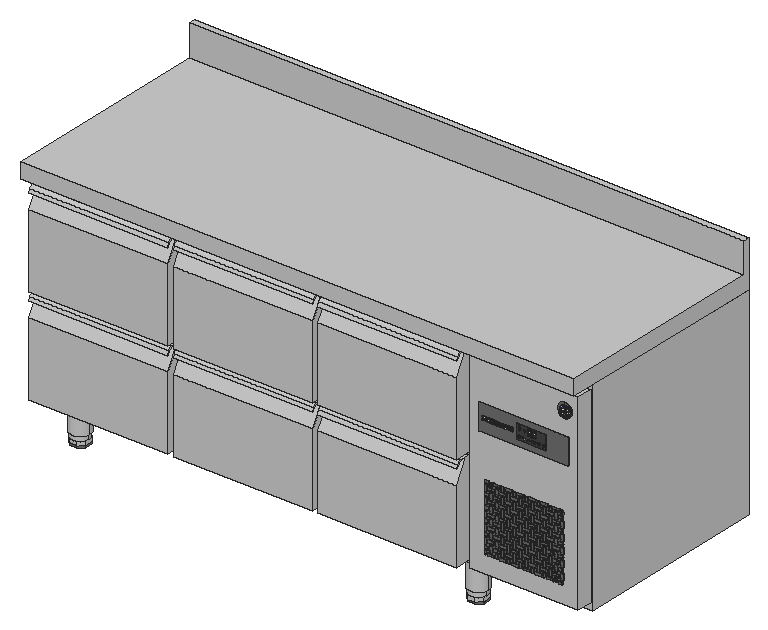
Revit family "QF_HOSHIZAKI_889020834", category Specialty Equipment, Revit 2016 (continued)
Definition of nested family "QF_HOSHIZAKI_889020834_230V_1Ph_50Hz"
  Definition of nested family "Control-panel"
    Forms (mm)
      Extrusion 1, solid
        sketch origin (-3653, 19.5, -135) x (-1, 0, 0) y (0, 0, 1)
          loop
            arc (-3909.5, 317.986) -> (-3913, 321.486) -> (-3916.5, 317.986) r 3.5
            line (-3916.5, 317.986) -> (-3916.5, 299.986)
            arc (-3916.5, 299.986) -> (-3913, 296.486) -> (-3909.5, 299.986) r 3.5
            line (-3909.5, 299.986) -> (-3909.5, 317.986)
          loop
            arc (-3951, 330.986) -> (-3954, 327.986) -> (-3951, 324.986) r 3
            line (-3951, 324.986) -> (-3942, 324.986)
            arc (-3942, 324.986) -> (-3939, 327.986) -> (-3942, 330.986) r 3
            line (-3942, 330.986) -> (-3951, 330.986)
          loop
            arc (-3947.5, 317.986) -> (-3951, 321.486) -> (-3954.5, 317.986) r 3.5
            line (-3954.5, 317.986) -> (-3954.5, 299.986)
            arc (-3954.5, 299.986) -> (-3951, 296.486) -> (-3947.5, 299.986) r 3.5
            line (-3947.5, 299.986) -> (-3947.5, 317.986)
          loop
            arc (-3941, 312.486) -> (-3944.5, 308.986) -> (-3941, 305.486) r 3.5
            line (-3941, 305.486) -> (-3923, 305.486)
            arc (-3923, 305.486) -> (-3919.5, 308.986) -> (-3923, 312.486) r 3.5
            line (-3923, 312.486) -> (-3941, 312.486)
          loop
            arc (-3903, 312.486) -> (-3906.5, 308.986) -> (-3903, 305.486) r 3.5
            line (-3903, 305.486) -> (-3885, 305.486)
            arc (-3885, 305.486) -> (-3881.5, 308.986) -> (-3885, 312.486) r 3.5
            line (-3885, 312.486) -> (-3903, 312.486)
          loop
            arc (-3865, 312.486) -> (-3868.5, 308.986) -> (-3865, 305.486) r 3.5
            line (-3865, 305.486) -> (-3847, 305.486)
            arc (-3847, 305.486) -> (-3843.5, 308.986) -> (-3847, 312.486) r 3.5
            line (-3847, 312.486) -> (-3865, 312.486)
          loop
            arc (-3827, 312.486) -> (-3830.5, 308.986) -> (-3827, 305.486) r 3.5
            line (-3827, 305.486) -> (-3809, 305.486)
            arc (-3809, 305.486) -> (-3805.5, 308.986) -> (-3809, 312.486) r 3.5
            line (-3809, 312.486) -> (-3827, 312.486)
          loop
            arc (-3789, 312.486) -> (-3792.5, 308.986) -> (-3789, 305.486) r 3.5
            line (-3789, 305.486) -> (-3771, 305.486)
            arc (-3771, 305.486) -> (-3767.5, 308.986) -> (-3771, 312.486) r 3.5
            line (-3771, 312.486) -> (-3789, 312.486)
          loop
            arc (-3751, 312.486) -> (-3754.5, 308.986) -> (-3751, 305.486) r 3.5
            line (-3751, 305.486) -> (-3733, 305.486)
            arc (-3733, 305.486) -> (-3729.5, 308.986) -> (-3733, 312.486) r 3.5
            line (-3733, 312.486) -> (-3751, 312.486)
          loop
            arc (-3713, 312.486) -> (-3716.5, 308.986) -> (-3713, 305.486) r 3.5
            line (-3713, 305.486) -> (-3704, 305.486)
            arc (-3704, 305.486) -> (-3700.5, 308.986) -> (-3704, 312.486) r 3.5
            line (-3704, 312.486) -> (-3713, 312.486)
          loop
            line (-3938.025, 302.996) -> (-3945.025, 302.996) -> (-3945.025, 295.996) -> (-3938.025, 295.996) -> (-3938.025, 302.996)
          loop
            line (-3919.025, 302.996) -> (-3926.025, 302.996) -> (-3926.025, 295.996) -> (-3919.025, 295.996) -> (-3919.025, 302.996)
          loop
            line (-3900.025, 302.996) -> (-3907.025, 302.996) -> (-3907.025, 295.996) -> (-3900.025, 295.996) -> (-3900.025, 302.996)
          loop
            line (-3881.025, 302.996) -> (-3888.025, 302.996) -> (-3888.025, 295.996) -> (-3881.025, 295.996) -> (-3881.025, 302.996)
          loop
            line (-3862.025, 302.996) -> (-3869.025, 302.996) -> (-3869.025, 295.996) -> (-3862.025, 295.996) -> (-3862.025, 302.996)
          loop
            line (-3843.025, 302.996) -> (-3850.025, 302.996) -> (-3850.025, 295.996) -> (-3843.025, 295.996) -> (-3843.025, 302.996)
          loop
            line (-3824.025, 302.996) -> (-3831.025, 302.996) -> (-3831.025, 295.996) -> (-3824.025, 295.996) -> (-3824.025, 302.996)
          loop
            line (-3805.025, 302.996) -> (-3812.025, 302.996) -> (-3812.025, 295.996) -> (-3805.025, 295.996) -> (-3805.025, 302.996)
          loop
            line (-3786.025, 302.996) -> (-3793.025, 302.996) -> (-3793.025, 295.996) -> (-3786.025, 295.996) -> (-3786.025, 302.996)
          loop
            line (-3767.025, 302.996) -> (-3774.025, 302.996) -> (-3774.025, 295.996) -> (-3767.025, 295.996) -> (-3767.025, 302.996)
          loop
            line (-3748.025, 302.996) -> (-3755.025, 302.996) -> (-3755.025, 295.996) -> (-3748.025, 295.996) -> (-3748.025, 302.996)
          loop
            line (-3729.025, 302.996) -> (-3736.025, 302.996) -> (-3736.025, 295.996) -> (-3729.025, 295.996) -> (-3729.025, 302.996)
          loop
            line (-3710.025, 302.996) -> (-3717.025, 302.996) -> (-3717.025, 295.996) -> (-3710.025, 295.996) -> (-3710.025, 302.996)
          loop
            line (-3935.5, 298.986) -> (-3935.5, 280.986)
            arc (-3935.5, 280.986) -> (-3932, 277.486) -> (-3928.5, 280.986) r 3.5
            line (-3928.5, 280.986) -> (-3928.5, 298.986)
            arc (-3928.5, 298.986) -> (-3932, 302.486) -> (-3935.5, 298.986) r 3.5
          loop
            line (-3897.5, 298.986) -> (-3897.5, 280.986)
            arc (-3897.5, 280.986) -> (-3894, 277.486) -> (-3890.5, 280.986) r 3.5
            line (-3890.5, 280.986) -> (-3890.5, 298.986)
            arc (-3890.5, 298.986) -> (-3894, 302.486) -> (-3897.5, 298.986) r 3.5
          loop
            line (-3859.5, 298.986) -> (-3859.5, 280.986)
            arc (-3859.5, 280.986) -> (-3856, 277.486) -> (-3852.5, 280.986) r 3.5
            line (-3852.5, 280.986) -> (-3852.5, 298.986)
            arc (-3852.5, 298.986) -> (-3856, 302.486) -> (-3859.5, 298.986) r 3.5
          loop
            line (-3821.5, 298.986) -> (-3821.5, 280.986)
            arc (-3821.5, 280.986) -> (-3818, 277.486) -> (-3814.5, 280.986) r 3.5
            line (-3814.5, 280.986) -> (-3814.5, 298.986)
            arc (-3814.5, 298.986) -> (-3818, 302.486) -> (-3821.5, 298.986) r 3.5
          loop
            line (-3783.5, 298.986) -> (-3783.5, 280.986)
            arc (-3783.5, 280.986) -> (-3780, 277.486) -> (-3776.5, 280.986) r 3.5
            line (-3776.5, 280.986) -> (-3776.5, 298.986)
            arc (-3776.5, 298.986) -> (-3780, 302.486) -> (-3783.5, 298.986) r 3.5
          loop
            line (-3745.5, 298.986) -> (-3745.5, 280.986)
            arc (-3745.5, 280.986) -> (-3742, 277.486) -> (-3738.5, 280.986) r 3.5
            line (-3738.5, 280.986) -> (-3738.5, 298.986)
            arc (-3738.5, 298.986) -> (-3742, 302.486) -> (-3745.5, 298.986) r 3.5
          loop
            line (-3707.5, 298.986) -> (-3707.5, 280.986)
            arc (-3707.5, 280.986) -> (-3704, 277.486) -> (-3700.5, 280.986) r 3.5
            line (-3700.5, 280.986) -> (-3700.5, 298.986)
            arc (-3700.5, 298.986) -> (-3704, 302.486) -> (-3707.5, 298.986) r 3.5
          loop
            arc (-3922, 293.486) -> (-3925.5, 289.986) -> (-3922, 286.486) r 3.5
            line (-3922, 286.486) -> (-3904, 286.486)
            arc (-3904, 286.486) -> (-3900.5, 289.986) -> (-3904, 293.486) r 3.5
            line (-3904, 293.486) -> (-3922, 293.486)
          loop
            arc (-3884, 293.486) -> (-3887.5, 289.986) -> (-3884, 286.486) r 3.5
            line (-3884, 286.486) -> (-3866, 286.486)
            arc (-3866, 286.486) -> (-3862.5, 289.986) -> (-3866, 293.486) r 3.5
            line (-3866, 293.486) -> (-3884, 293.486)
          loop
            arc (-3846, 293.486) -> (-3849.5, 289.986) -> (-3846, 286.486) r 3.5
            line (-3846, 286.486) -> (-3828, 286.486)
            arc (-3828, 286.486) -> (-3824.5, 289.986) -> (-3828, 293.486) r 3.5
            line (-3828, 293.486) -> (-3846, 293.486)
          loop
            arc (-3808, 293.486) -> (-3811.5, 289.986) -> (-3808, 286.486) r 3.5
            line (-3808, 286.486) -> (-3790, 286.486)
            arc (-3790, 286.486) -> (-3786.5, 289.986) -> (-3790, 293.486) r 3.5
            line (-3790, 293.486) -> (-3808, 293.486)
          loop
            arc (-3770, 293.486) -> (-3773.5, 289.986) -> (-3770, 286.486) r 3.5
            line (-3770, 286.486) -> (-3752, 286.486)
            arc (-3752, 286.486) -> (-3748.5, 289.986) -> (-3752, 293.486) r 3.5
            line (-3752, 293.486) -> (-3770, 293.486)
          loop
            arc (-3732, 293.486) -> (-3735.5, 289.986) -> (-3732, 286.486) r 3.5
            line (-3732, 286.486) -> (-3714, 286.486)
            arc (-3714, 286.486) -> (-3710.5, 289.986) -> (-3714, 293.486) r 3.5
            line (-3714, 293.486) -> (-3732, 293.486)
          loop
            line (-3938.025, 276.976) -> (-3938.025, 283.976) -> (-3945.025, 283.976) -> (-3945.025, 276.976) -> (-3938.025, 276.976)
          loop
            line (-3919.025, 276.976) -> (-3919.025, 283.976) -> (-3926.025, 283.976) -> (-3926.025, 276.976) -> (-3919.025, 276.976)
          loop
            line (-3900.025, 276.976) -> (-3900.025, 283.976) -> (-3907.025, 283.976) -> (-3907.025, 276.976) -> (-3900.025, 276.976)
          loop
            line (-3881.025, 276.976) -> (-3881.025, 283.976) -> (-3888.025, 283.976) -> (-3888.025, 276.976) -> (-3881.025, 276.976)
          loop
            line (-3862.025, 276.976) -> (-3862.025, 283.976) -> (-3869.025, 283.976) -> (-3869.025, 276.976) -> (-3862.025, 276.976)
          loop
            line (-3843.025, 276.976) -> (-3843.025, 283.976) -> (-3850.025, 283.976) -> (-3850.025, 276.976) -> (-3843.025, 276.976)
          loop
            line (-3824.025, 276.976) -> (-3824.025, 283.976) -> (-3831.025, 283.976) -> (-3831.025, 276.976) -> (-3824.025, 276.976)
          loop
            line (-3805.025, 276.976) -> (-3805.025, 283.976) -> (-3812.025, 283.976) -> (-3812.025, 276.976) -> (-3805.025, 276.976)
          loop
            line (-3786.025, 276.976) -> (-3786.025, 283.976) -> (-3793.025, 283.976) -> (-3793.025, 276.976) -> (-3786.025, 276.976)
          loop
            line (-3767.025, 276.976) -> (-3767.025, 283.976) -> (-3774.025, 283.976) -> (-3774.025, 276.976) -> (-3767.025, 276.976)
          loop
            line (-3748.025, 276.976) -> (-3748.025, 283.976) -> (-3755.025, 283.976) -> (-3755.025, 276.976) -> (-3748.025, 276.976)
          loop
            line (-3729.025, 276.976) -> (-3729.025, 283.976) -> (-3736.025, 283.976) -> (-3736.025, 276.976) -> (-3729.025, 276.976)
          loop
            line (-3710.025, 276.976) -> (-3710.025, 283.976) -> (-3717.025, 283.976) -> (-3717.025, 276.976) -> (-3710.025, 276.976)
          loop
            arc (-3719.5, 279.986) -> (-3723, 283.486) -> (-3726.5, 279.986) r 3.5
            line (-3726.5, 279.986) -> (-3726.5, 261.986)
            arc (-3726.5, 261.986) -> (-3723, 258.486) -> (-3719.5, 261.986) r 3.5
            line (-3719.5, 261.986) -> (-3719.5, 279.986)
          loop
            arc (-3757.5, 279.986) -> (-3761, 283.486) -> (-3764.5, 279.986) r 3.5
            line (-3764.5, 279.986) -> (-3764.5, 261.986)
            arc (-3764.5, 261.986) -> (-3761, 258.486) -> (-3757.5, 261.986) r 3.5
            line (-3757.5, 261.986) -> (-3757.5, 279.986)
          loop
            arc (-3795.5, 279.986) -> (-3799, 283.486) -> (-3802.5, 279.986) r 3.5
            line (-3802.5, 279.986) -> (-3802.5, 261.986)
            arc (-3802.5, 261.986) -> (-3799, 258.486) -> (-3795.5, 261.986) r 3.5
            line (-3795.5, 261.986) -> (-3795.5, 279.986)
          loop
            arc (-3833.5, 279.986) -> (-3837, 283.486) -> (-3840.5, 279.986) r 3.5
            line (-3840.5, 279.986) -> (-3840.5, 261.986)
            arc (-3840.5, 261.986) -> (-3837, 258.486) -> (-3833.5, 261.986) r 3.5
            line (-3833.5, 261.986) -> (-3833.5, 279.986)
          loop
            arc (-3871.5, 279.986) -> (-3875, 283.486) -> (-3878.5, 279.986) r 3.5
            line (-3878.5, 279.986) -> (-3878.5, 261.986)
            arc (-3878.5, 261.986) -> (-3875, 258.486) -> (-3871.5, 261.986) r 3.5
            line (-3871.5, 261.986) -> (-3871.5, 279.986)
          loop
            arc (-3909.5, 279.986) -> (-3913, 283.486) -> (-3916.5, 279.986) r 3.5
            line (-3916.5, 279.986) -> (-3916.5, 261.986)
            arc (-3916.5, 261.986) -> (-3913, 258.486) -> (-3909.5, 261.986) r 3.5
            line (-3909.5, 261.986) -> (-3909.5, 279.986)
          loop
            arc (-3951, 292.986) -> (-3954, 289.986) -> (-3951, 286.986) r 3
            line (-3951, 286.986) -> (-3942, 286.986)
            arc (-3942, 286.986) -> (-3939, 289.986) -> (-3942, 292.986) r 3
            line (-3942, 292.986) -> (-3951, 292.986)
          loop
            arc (-3947.5, 279.986) -> (-3951, 283.486) -> (-3954.5, 279.986) r 3.5
            line (-3954.5, 279.986) -> (-3954.5, 261.986)
            arc (-3954.5, 261.986) -> (-3951, 258.486) -> (-3947.5, 261.986) r 3.5
            line (-3947.5, 261.986) -> (-3947.5, 279.986)
          loop
            arc (-3941, 274.486) -> (-3944.5, 270.986) -> (-3941, 267.486) r 3.5
            line (-3941, 267.486) -> (-3923, 267.486)
            arc (-3923, 267.486) -> (-3919.5, 270.986) -> (-3923, 274.486) r 3.5
            line (-3923, 274.486) -> (-3941, 274.486)
          loop
            arc (-3903, 274.486) -> (-3906.5, 270.986) -> (-3903, 267.486) r 3.5
            line (-3903, 267.486) -> (-3885, 267.486)
            arc (-3885, 267.486) -> (-3881.5, 270.986) -> (-3885, 274.486) r 3.5
            line (-3885, 274.486) -> (-3903, 274.486)
          loop
            arc (-3865, 274.486) -> (-3868.5, 270.986) -> (-3865, 267.486) r 3.5
            line (-3865, 267.486) -> (-3847, 267.486)
            arc (-3847, 267.486) -> (-3843.5, 270.986) -> (-3847, 274.486) r 3.5
            line (-3847, 274.486) -> (-3865, 274.486)
          loop
            arc (-3827, 274.486) -> (-3830.5, 270.986) -> (-3827, 267.486) r 3.5
            line (-3827, 267.486) -> (-3809, 267.486)
            arc (-3809, 267.486) -> (-3805.5, 270.986) -> (-3809, 274.486) r 3.5
            line (-3809, 274.486) -> (-3827, 274.486)
          loop
            arc (-3789, 274.486) -> (-3792.5, 270.986) -> (-3789, 267.486) r 3.5
            line (-3789, 267.486) -> (-3771, 267.486)
            arc (-3771, 267.486) -> (-3767.5, 270.986) -> (-3771, 274.486) r 3.5
            line (-3771, 274.486) -> (-3789, 274.486)
          loop
            arc (-3751, 274.486) -> (-3754.5, 270.986) -> (-3751, 267.486) r 3.5
            line (-3751, 267.486) -> (-3733, 267.486)
            arc (-3733, 267.486) -> (-3729.5, 270.986) -> (-3733, 274.486) r 3.5
            line (-3733, 274.486) -> (-3751, 274.486)
          loop
            arc (-3713, 274.486) -> (-3716.5, 270.986) -> (-3713, 267.486) r 3.5
            line (-3713, 267.486) -> (-3704, 267.486)
            arc (-3704, 267.486) -> (-3700.5, 270.986) -> (-3704, 274.486) r 3.5
            line (-3704, 274.486) -> (-3713, 274.486)
          loop
            line (-3938.025, 264.996) -> (-3945.025, 264.996) -> (-3945.025, 257.996) -> (-3938.025, 257.996) -> (-3938.025, 264.996)
          loop
            line (-3919.025, 264.996) -> (-3926.025, 264.996) -> (-3926.025, 257.996) -> (-3919.025, 257.996) -> (-3919.025, 264.996)
          loop
            line (-3900.025, 264.996) -> (-3907.025, 264.996) -> (-3907.025, 257.996) -> (-3900.025, 257.996) -> (-3900.025, 264.996)
          loop
            line (-3881.025, 264.996) -> (-3888.025, 264.996) -> (-3888.025, 257.996) -> (-3881.025, 257.996) -> (-3881.025, 264.996)
          loop
            line (-3862.025, 264.996) -> (-3869.025, 264.996) -> (-3869.025, 257.996) -> (-3862.025, 257.996) -> (-3862.025, 264.996)
          loop
            line (-3843.025, 264.996) -> (-3850.025, 264.996) -> (-3850.025, 257.996) -> (-3843.025, 257.996) -> (-3843.025, 264.996)
          loop
            line (-3824.025, 264.996) -> (-3831.025, 264.996) -> (-3831.025, 257.996) -> (-3824.025, 257.996) -> (-3824.025, 264.996)
          loop
            line (-3805.025, 264.996) -> (-3812.025, 264.996) -> (-3812.025, 257.996) -> (-3805.025, 257.996) -> (-3805.025, 264.996)
          loop
            line (-3786.025, 264.996) -> (-3793.025, 264.996) -> (-3793.025, 257.996) -> (-3786.025, 257.996) -> (-3786.025, 264.996)
          loop
            line (-3767.025, 264.996) -> (-3774.025, 264.996) -> (-3774.025, 257.996) -> (-3767.025, 257.996) -> (-3767.025, 264.996)
          loop
            line (-3748.025, 264.996) -> (-3755.025, 264.996) -> (-3755.025, 257.996) -> (-3748.025, 257.996) -> (-3748.025, 264.996)
          loop
            line (-3729.025, 264.996) -> (-3736.025, 264.996) -> (-3736.025, 257.996) -> (-3729.025, 257.996) -> (-3729.025, 264.996)
          loop
            line (-3710.025, 264.996) -> (-3717.025, 264.996) -> (-3717.025, 257.996) -> (-3710.025, 257.996) -> (-3710.025, 264.996)
          loop
            line (-3935.5, 260.986) -> (-3935.5, 242.986)
            arc (-3935.5, 242.986) -> (-3932, 239.486) -> (-3928.5, 242.986) r 3.5
            line (-3928.5, 242.986) -> (-3928.5, 260.986)
            arc (-3928.5, 260.986) -> (-3932, 264.486) -> (-3935.5, 260.986) r 3.5
          loop
            line (-3897.5, 260.986) -> (-3897.5, 242.986)
            arc (-3897.5, 242.986) -> (-3894, 239.486) -> (-3890.5, 242.986) r 3.5
            line (-3890.5, 242.986) -> (-3890.5, 260.986)
            arc (-3890.5, 260.986) -> (-3894, 264.486) -> (-3897.5, 260.986) r 3.5
          loop
            line (-3859.5, 260.986) -> (-3859.5, 242.986)
            arc (-3859.5, 242.986) -> (-3856, 239.486) -> (-3852.5, 242.986) r 3.5
            line (-3852.5, 242.986) -> (-3852.5, 260.986)
            arc (-3852.5, 260.986) -> (-3856, 264.486) -> (-3859.5, 260.986) r 3.5
          loop
            line (-3821.5, 260.986) -> (-3821.5, 242.986)
            arc (-3821.5, 242.986) -> (-3818, 239.486) -> (-3814.5, 242.986) r 3.5
            line (-3814.5, 242.986) -> (-3814.5, 260.986)
            arc (-3814.5, 260.986) -> (-3818, 264.486) -> (-3821.5, 260.986) r 3.5
          loop
            line (-3783.5, 260.986) -> (-3783.5, 242.986)
            arc (-3783.5, 242.986) -> (-3780, 239.486) -> (-3776.5, 242.986) r 3.5
            line (-3776.5, 242.986) -> (-3776.5, 260.986)
            arc (-3776.5, 260.986) -> (-3780, 264.486) -> (-3783.5, 260.986) r 3.5
          loop
            line (-3745.5, 260.986) -> (-3745.5, 242.986)
            arc (-3745.5, 242.986) -> (-3742, 239.486) -> (-3738.5, 242.986) r 3.5
            line (-3738.5, 242.986) -> (-3738.5, 260.986)
            arc (-3738.5, 260.986) -> (-3742, 264.486) -> (-3745.5, 260.986) r 3.5
          loop
            line (-3707.5, 260.986) -> (-3707.5, 242.986)
            arc (-3707.5, 242.986) -> (-3704, 239.486) -> (-3700.5, 242.986) r 3.5
            line (-3700.5, 242.986) -> (-3700.5, 260.986)
            arc (-3700.5, 260.986) -> (-3704, 264.486) -> (-3707.5, 260.986) r 3.5
          loop
            arc (-3922, 255.486) -> (-3925.5, 251.986) -> (-3922, 248.486) r 3.5
            line (-3922, 248.486) -> (-3904, 248.486)
            arc (-3904, 248.486) -> (-3900.5, 251.986) -> (-3904, 255.486) r 3.5
            line (-3904, 255.486) -> (-3922, 255.486)
          loop
            arc (-3884, 255.486) -> (-3887.5, 251.986) -> (-3884, 248.486) r 3.5
            line (-3884, 248.486) -> (-3866, 248.486)
            arc (-3866, 248.486) -> (-3862.5, 251.986) -> (-3866, 255.486) r 3.5
            line (-3866, 255.486) -> (-3884, 255.486)
          loop
            arc (-3846, 255.486) -> (-3849.5, 251.986) -> (-3846, 248.486) r 3.5
            line (-3846, 248.486) -> (-3828, 248.486)
            arc (-3828, 248.486) -> (-3824.5, 251.986) -> (-3828, 255.486) r 3.5
            line (-3828, 255.486) -> (-3846, 255.486)
          loop
            arc (-3808, 255.486) -> (-3811.5, 251.986) -> (-3808, 248.486) r 3.5
            line (-3808, 248.486) -> (-3790, 248.486)
            arc (-3790, 248.486) -> (-3786.5, 251.986) -> (-3790, 255.486) r 3.5
            line (-3790, 255.486) -> (-3808, 255.486)
          loop
            arc (-3770, 255.486) -> (-3773.5, 251.986) -> (-3770, 248.486) r 3.5
            line (-3770, 248.486) -> (-3752, 248.486)
            arc (-3752, 248.486) -> (-3748.5, 251.986) -> (-3752, 255.486) r 3.5
            line (-3752, 255.486) -> (-3770, 255.486)
          loop
            arc (-3732, 255.486) -> (-3735.5, 251.986) -> (-3732, 248.486) r 3.5
            line (-3732, 248.486) -> (-3714, 248.486)
            arc (-3714, 248.486) -> (-3710.5, 251.986) -> (-3714, 255.486) r 3.5
            line (-3714, 255.486) -> (-3732, 255.486)
          loop
            line (-3938.025, 238.976) -> (-3938.025, 245.976) -> (-3945.025, 245.976) -> (-3945.025, 238.976) -> (-3938.025, 238.976)
          loop
            line (-3919.025, 238.976) -> (-3919.025, 245.976) -> (-3926.025, 245.976) -> (-3926.025, 238.976) -> (-3919.025, 238.976)
          loop
            line (-3900.025, 238.976) -> (-3900.025, 245.976) -> (-3907.025, 245.976) -> (-3907.025, 238.976) -> (-3900.025, 238.976)
          loop
            line (-3881.025, 238.976) -> (-3881.025, 245.976) -> (-3888.025, 245.976) -> (-3888.025, 238.976) -> (-3881.025, 238.976)
          loop
            line (-3862.025, 238.976) -> (-3862.025, 245.976) -> (-3869.025, 245.976) -> (-3869.025, 238.976) -> (-3862.025, 238.976)
          loop
            line (-3843.025, 238.976) -> (-3843.025, 245.976) -> (-3850.025, 245.976) -> (-3850.025, 238.976) -> (-3843.025, 238.976)
          loop
            line (-3824.025, 238.976) -> (-3824.025, 245.976) -> (-3831.025, 245.976) -> (-3831.025, 238.976) -> (-3824.025, 238.976)
          loop
            line (-3805.025, 238.976) -> (-3805.025, 245.976) -> (-3812.025, 245.976) -> (-3812.025, 238.976) -> (-3805.025, 238.976)
          loop
            line (-3786.025, 238.976) -> (-3786.025, 245.976) -> (-3793.025, 245.976) -> (-3793.025, 238.976) -> (-3786.025, 238.976)
          loop
            line (-3767.025, 238.976) -> (-3767.025, 245.976) -> (-3774.025, 245.976) -> (-3774.025, 238.976) -> (-3767.025, 238.976)
          loop
            line (-3748.025, 238.976) -> (-3748.025, 245.976) -> (-3755.025, 245.976) -> (-3755.025, 238.976) -> (-3748.025, 238.976)
          loop
            line (-3729.025, 238.976) -> (-3729.025, 245.976) -> (-3736.025, 245.976) -> (-3736.025, 238.976) -> (-3729.025, 238.976)
          loop
            line (-3710.025, 238.976) -> (-3710.025, 245.976) -> (-3717.025, 245.976) -> (-3717.025, 238.976) -> (-3710.025, 238.976)
          loop
            arc (-3719.5, 241.986) -> (-3723, 245.486) -> (-3726.5, 241.986) r 3.5
            line (-3726.5, 241.986) -> (-3726.5, 223.986)
            arc (-3726.5, 223.986) -> (-3723, 220.486) -> (-3719.5, 223.986) r 3.5
            line (-3719.5, 223.986) -> (-3719.5, 241.986)
          loop
            arc (-3757.5, 241.986) -> (-3761, 245.486) -> (-3764.5, 241.986) r 3.5
            line (-3764.5, 241.986) -> (-3764.5, 223.986)
            arc (-3764.5, 223.986) -> (-3761, 220.486) -> (-3757.5, 223.986) r 3.5
            line (-3757.5, 223.986) -> (-3757.5, 241.986)
          loop
            arc (-3795.5, 241.986) -> (-3799, 245.486) -> (-3802.5, 241.986) r 3.5
            line (-3802.5, 241.986) -> (-3802.5, 223.986)
            arc (-3802.5, 223.986) -> (-3799, 220.486) -> (-3795.5, 223.986) r 3.5
            line (-3795.5, 223.986) -> (-3795.5, 241.986)
          loop
            arc (-3833.5, 241.986) -> (-3837, 245.486) -> (-3840.5, 241.986) r 3.5
            line (-3840.5, 241.986) -> (-3840.5, 223.986)
            arc (-3840.5, 223.986) -> (-3837, 220.486) -> (-3833.5, 223.986) r 3.5
            line (-3833.5, 223.986) -> (-3833.5, 241.986)
          loop
            arc (-3871.5, 241.986) -> (-3875, 245.486) -> (-3878.5, 241.986) r 3.5
            line (-3878.5, 241.986) -> (-3878.5, 223.986)
            arc (-3878.5, 223.986) -> (-3875, 220.486) -> (-3871.5, 223.986) r 3.5
            line (-3871.5, 223.986) -> (-3871.5, 241.986)
          loop
            arc (-3909.5, 241.986) -> (-3913, 245.486) -> (-3916.5, 241.986) r 3.5
            line (-3916.5, 241.986) -> (-3916.5, 223.986)
            arc (-3916.5, 223.986) -> (-3913, 220.486) -> (-3909.5, 223.986) r 3.5
            line (-3909.5, 223.986) -> (-3909.5, 241.986)
          loop
            arc (-3951, 254.986) -> (-3954, 251.986) -> (-3951, 248.986) r 3
            line (-3951, 248.986) -> (-3942, 248.986)
            arc (-3942, 248.986) -> (-3939, 251.986) -> (-3942, 254.986) r 3
            line (-3942, 254.986) -> (-3951, 254.986)
          loop
            arc (-3947.5, 241.986) -> (-3951, 245.486) -> (-3954.5, 241.986) r 3.5
            line (-3954.5, 241.986) -> (-3954.5, 223.986)
            arc (-3954.5, 223.986) -> (-3951, 220.486) -> (-3947.5, 223.986) r 3.5
            line (-3947.5, 223.986) -> (-3947.5, 241.986)
          loop
            arc (-3941, 236.486) -> (-3944.5, 232.986) -> (-3941, 229.486) r 3.5
            line (-3941, 229.486) -> (-3923, 229.486)
            arc (-3923, 229.486) -> (-3919.5, 232.986) -> (-3923, 236.486) r 3.5
            line (-3923, 236.486) -> (-3941, 236.486)
          loop
            arc (-3903, 236.486) -> (-3906.5, 232.986) -> (-3903, 229.486) r 3.5
            line (-3903, 229.486) -> (-3885, 229.486)
            arc (-3885, 229.486) -> (-3881.5, 232.986) -> (-3885, 236.486) r 3.5
            line (-3885, 236.486) -> (-3903, 236.486)
          loop
            arc (-3865, 236.486) -> (-3868.5, 232.986) -> (-3865, 229.486) r 3.5
            line (-3865, 229.486) -> (-3847, 229.486)
            arc (-3847, 229.486) -> (-3843.5, 232.986) -> (-3847, 236.486) r 3.5
            line (-3847, 236.486) -> (-3865, 236.486)
          loop
            arc (-3827, 236.486) -> (-3830.5, 232.986) -> (-3827, 229.486) r 3.5
            line (-3827, 229.486) -> (-3809, 229.486)
            arc (-3809, 229.486) -> (-3805.5, 232.986) -> (-3809, 236.486) r 3.5
            line (-3809, 236.486) -> (-3827, 236.486)
          loop
            arc (-3789, 236.486) -> (-3792.5, 232.986) -> (-3789, 229.486) r 3.5
            line (-3789, 229.486) -> (-3771, 229.486)
            arc (-3771, 229.486) -> (-3767.5, 232.986) -> (-3771, 236.486) r 3.5
            line (-3771, 236.486) -> (-3789, 236.486)
          loop
            arc (-3751, 236.486) -> (-3754.5, 232.986) -> (-3751, 229.486) r 3.5
            line (-3751, 229.486) -> (-3733, 229.486)
            arc (-3733, 229.486) -> (-3729.5, 232.986) -> (-3733, 236.486) r 3.5
            line (-3733, 236.486) -> (-3751, 236.486)
          loop
            arc (-3713, 236.486) -> (-3716.5, 232.986) -> (-3713, 229.486) r 3.5
            line (-3713, 229.486) -> (-3704, 229.486)
            arc (-3704, 229.486) -> (-3700.5, 232.986) -> (-3704, 236.486) r 3.5
            line (-3704, 236.486) -> (-3713, 236.486)
          loop
            line (-3938.025, 226.996) -> (-3945.025, 226.996) -> (-3945.025, 219.996) -> (-3938.025, 219.996) -> (-3938.025, 226.996)
          loop
            line (-3919.025, 226.996) -> (-3926.025, 226.996) -> (-3926.025, 219.996) -> (-3919.025, 219.996) -> (-3919.025, 226.996)
          loop
            line (-3900.025, 226.996) -> (-3907.025, 226.996) -> (-3907.025, 219.996) -> (-3900.025, 219.996) -> (-3900.025, 226.996)
          loop
            line (-3881.025, 226.996) -> (-3888.025, 226.996) -> (-3888.025, 219.996) -> (-3881.025, 219.996) -> (-3881.025, 226.996)
          loop
            line (-3862.025, 226.996) -> (-3869.025, 226.996) -> (-3869.025, 219.996) -> (-3862.025, 219.996) -> (-3862.025, 226.996)
          loop
            line (-3843.025, 226.996) -> (-3850.025, 226.996) -> (-3850.025, 219.996) -> (-3843.025, 219.996) -> (-3843.025, 226.996)
          loop
            line (-3824.025, 226.996) -> (-3831.025, 226.996) -> (-3831.025, 219.996) -> (-3824.025, 219.996) -> (-3824.025, 226.996)
          loop
            line (-3805.025, 226.996) -> (-3812.025, 226.996) -> (-3812.025, 219.996) -> (-3805.025, 219.996) -> (-3805.025, 226.996)
          loop
            line (-3786.025, 226.996) -> (-3793.025, 226.996) -> (-3793.025, 219.996) -> (-3786.025, 219.996) -> (-3786.025, 226.996)
          loop
            line (-3767.025, 226.996) -> (-3774.025, 226.996) -> (-3774.025, 219.996) -> (-3767.025, 219.996) -> (-3767.025, 226.996)
          loop
            line (-3748.025, 226.996) -> (-3755.025, 226.996) -> (-3755.025, 219.996) -> (-3748.025, 219.996) -> (-3748.025, 226.996)
          loop
            line (-3729.025, 226.996) -> (-3736.025, 226.996) -> (-3736.025, 219.996) -> (-3729.025, 219.996) -> (-3729.025, 226.996)
          loop
            line (-3710.025, 226.996) -> (-3717.025, 226.996) -> (-3717.025, 219.996) -> (-3710.025, 219.996) -> (-3710.025, 226.996)
          loop
            arc (-3922, 217.486) -> (-3925.5, 213.986) -> (-3922, 210.486) r 3.5
            line (-3922, 210.486) -> (-3904, 210.486)
            arc (-3904, 210.486) -> (-3900.5, 213.986) -> (-3904, 217.486) r 3.5
            line (-3904, 217.486) -> (-3922, 217.486)
          loop
            arc (-3884, 217.486) -> (-3887.5, 213.986) -> (-3884, 210.486) r 3.5
            line (-3884, 210.486) -> (-3866, 210.486)
            arc (-3866, 210.486) -> (-3862.5, 213.986) -> (-3866, 217.486) r 3.5
            line (-3866, 217.486) -> (-3884, 217.486)
          loop
            arc (-3846, 217.486) -> (-3849.5, 213.986) -> (-3846, 210.486) r 3.5
            line (-3846, 210.486) -> (-3828, 210.486)
            arc (-3828, 210.486) -> (-3824.5, 213.986) -> (-3828, 217.486) r 3.5
            line (-3828, 217.486) -> (-3846, 217.486)
          loop
            arc (-3808, 217.486) -> (-3811.5, 213.986) -> (-3808, 210.486) r 3.5
            line (-3808, 210.486) -> (-3790, 210.486)
            arc (-3790, 210.486) -> (-3786.5, 213.986) -> (-3790, 217.486) r 3.5
            line (-3790, 217.486) -> (-3808, 217.486)
          loop
            arc (-3770, 217.486) -> (-3773.5, 213.986) -> (-3770, 210.486) r 3.5
            line (-3770, 210.486) -> (-3752, 210.486)
            arc (-3752, 210.486) -> (-3748.5, 213.986) -> (-3752, 217.486) r 3.5
            line (-3752, 217.486) -> (-3770, 217.486)
          loop
            arc (-3732, 217.486) -> (-3735.5, 213.986) -> (-3732, 210.486) r 3.5
            line (-3732, 210.486) -> (-3714, 210.486)
            arc (-3714, 210.486) -> (-3710.5, 213.986) -> (-3714, 217.486) r 3.5
            line (-3714, 217.486) -> (-3732, 217.486)
          loop
            arc (-3951, 216.986) -> (-3954, 213.986) -> (-3951, 210.986) r 3
            line (-3951, 210.986) -> (-3942, 210.986)
            arc (-3942, 210.986) -> (-3939, 213.986) -> (-3942, 216.986) r 3
            line (-3942, 216.986) -> (-3951, 216.986)
          loop
            arc (-3701, 223.486) -> (-3704, 226.486) -> (-3707, 223.486) r 3
            line (-3707, 223.486) -> (-3707, 214.486)
            arc (-3707, 214.486) -> (-3704, 211.486) -> (-3701, 214.486) r 3
            line (-3701, 214.486) -> (-3701, 223.486)
          loop
            arc (-3739, 223.486) -> (-3742, 226.486) -> (-3745, 223.486) r 3
            line (-3745, 223.486) -> (-3745, 214.486)
            arc (-3745, 214.486) -> (-3742, 211.486) -> (-3739, 214.486) r 3
            line (-3739, 214.486) -> (-3739, 223.486)
          loop
            arc (-3777, 223.486) -> (-3780, 226.486) -> (-3783, 223.486) r 3
            line (-3783, 223.486) -> (-3783, 214.486)
            arc (-3783, 214.486) -> (-3780, 211.486) -> (-3777, 214.486) r 3
            line (-3777, 214.486) -> (-3777, 223.486)
          loop
            arc (-3815, 223.486) -> (-3818, 226.486) -> (-3821, 223.486) r 3
            line (-3821, 223.486) -> (-3821, 214.486)
            arc (-3821, 214.486) -> (-3818, 211.486) -> (-3815, 214.486) r 3
            line (-3815, 214.486) -> (-3815, 223.486)
          loop
            arc (-3853, 223.486) -> (-3856, 226.486) -> (-3859, 223.486) r 3
            line (-3859, 223.486) -> (-3859, 214.486)
            arc (-3859, 214.486) -> (-3856, 211.486) -> (-3853, 214.486) r 3
            line (-3853, 214.486) -> (-3853, 223.486)
          loop
            arc (-3891, 223.486) -> (-3894, 226.486) -> (-3897, 223.486) r 3
            line (-3897, 223.486) -> (-3897, 214.486)
            arc (-3897, 214.486) -> (-3894, 211.486) -> (-3891, 214.486) r 3
            line (-3891, 214.486) -> (-3891, 223.486)
          loop
            arc (-3929, 223.486) -> (-3932, 226.486) -> (-3935, 223.486) r 3
            line (-3935, 223.486) -> (-3935, 214.486)
            arc (-3935, 214.486) -> (-3932, 211.486) -> (-3929, 214.486) r 3
            line (-3929, 214.486) -> (-3929, 223.486)
        from 5.5 to 7.5
      Extrusion 2, solid
        sketch origin (-1812, 19.5, -302.5) x (-1, 0, 0) y (0, 0, 1)
          loop
            line (-2131, 808) -> (-2131, 731)
            arc (-2131, 731) -> (-2130.121, 728.879) -> (-2128, 728) r 3
            line (-2128, 728) -> (-1845, 728)
            arc (-1845, 728) -> (-1842.879, 728.879) -> (-1842, 731) r 3
            line (-1842, 731) -> (-1842, 808)
            arc (-1842, 808) -> (-1842.879, 810.121) -> (-1845, 811) r 3
            line (-1845, 811) -> (-2128, 811)
            arc (-2128, 811) -> (-2130.121, 810.121) -> (-2131, 808) r 3
        from 5.5 to 7.5
      Extrusion 3, solid
        sketch origin (-1721.829, 19.5, -302.5) x (-1, 0, 0) y (0, 0, 1)
          loop
            line (-1873, 793) -> (-1968.159, 793) -> (-1968.159, 746) -> (-1873, 746) -> (-1873, 793)
        from 5 to 7.5
      Extrusion 4, solid, visible <- "Show Logo"
        sketch origin (-1807, 19.5, -188.5) x (-1, 0, 0) y (0, 0, 1)
          loop
            circle (-2113.5, 769.5) r 13.99
        from 4.5 to 6
      Extrusion 5, solid, visible <- "Show Logo"
        sketch origin (-1807, 19.5, -188.5) x (-1, 0, 0) y (0, 0, 1)
          loop
            circle (-2113.5, 769.5) r 15
          loop
            line (-2126.5, 769.5) -> (-2120.846, 773.459) -> (-2118.907, 773.459) -> (-2118.036, 763.497) -> (-2119.632, 763.497) -> (-2117.808, 760.891) -> (-2122.091, 759.743)
            arc (-2122.091, 759.743) -> (-2112.99, 756.51) -> (-2104.171, 760.446) r 13
            line (-2104.171, 760.446) -> (-2111.913, 760.446) -> (-2113.024, 758.523) -> (-2117.6, 758.523) -> (-2113.951, 764.843) -> (-2112.168, 762.297) -> (-2110.969, 763.497) -> (-2112.161, 767.945) -> (-2112.983, 771.014) -> (-2114.045, 774.979) -> (-2115.629, 777.241) -> (-2111.344, 777.241) -> (-2110.01, 772.26) -> (-2108.361, 772.26) -> (-2107.029, 770.928) -> (-2104.038, 769.201) -> (-2103.03, 765.437) -> (-2100.604, 767.863)
            arc (-2100.604, 767.863) -> (-2112.68, 782.474) -> (-2126.5, 769.5) r 13
          loop
            arc (-2125.531, 764.467) -> (-2124.506, 762.602) -> (-2123.241, 760.891) r 15.828
            line (-2123.241, 760.891) -> (-2121.071, 768.926) -> (-2125.531, 764.467)
          loop
            line (-2109.801, 769.877) -> (-2109.801, 764.664) -> (-2108.483, 768.285) -> (-2106.744, 769.399) -> (-2109.801, 769.877)
          loop
            line (-2108.558, 762.979) -> (-2105.47, 762.035) -> (-2104.504, 761.224) -> (-2103.812, 761.916) -> (-2105.089, 763.908) -> (-2108.558, 762.979)
          loop
            line (-2110.775, 779.307) -> (-2108.457, 780.388) -> (-2110.775, 781.009) -> (-2110.775, 779.307)
          loop
            line (-2113.024, 781.662) -> (-2115.087, 781.11) -> (-2114.199, 779.205) -> (-2112.584, 779.638) -> (-2113.79, 780.335) -> (-2113.024, 781.662)
          loop
            line (-2113.762, 753.783) -> (-2114.844, 752.701) -> (-2116.385, 752.701) -> (-2115.329, 751.645) -> (-2115.642, 749.874) -> (-2113.762, 750.959) -> (-2111.881, 749.874) -> (-2112.194, 751.645) -> (-2111.138, 752.701) -> (-2112.679, 752.701) -> (-2113.762, 753.783)
          loop
            line (-2126.524, 760.7) -> (-2128.032, 760.965) -> (-2128.916, 762.228) -> (-2129.176, 760.757) -> (-2130.805, 759.997) -> (-2128.838, 759.08) -> (-2128.648, 756.917) -> (-2127.377, 758.188) -> (-2125.906, 757.929) -> (-2126.79, 759.191) -> (-2126.524, 760.7)
          loop
            line (-2120.989, 755.68) -> (-2122.45, 755.219) -> (-2123.816, 755.931) -> (-2123.367, 754.507) -> (-2124.462, 753.08) -> (-2122.293, 753.175) -> (-2121.127, 751.344) -> (-2120.586, 753.059) -> (-2119.162, 753.508) -> (-2120.529, 754.219) -> (-2120.989, 755.68)
          loop
            line (-2100.476, 760.7) -> (-2100.21, 759.191) -> (-2101.094, 757.929) -> (-2099.623, 758.188) -> (-2098.352, 756.917) -> (-2098.162, 759.08) -> (-2096.195, 759.997) -> (-2097.824, 760.757) -> (-2098.084, 762.228) -> (-2098.968, 760.965) -> (-2100.476, 760.7)
          loop
            line (-2106.011, 755.68) -> (-2106.471, 754.219) -> (-2107.838, 753.508) -> (-2106.414, 753.059) -> (-2105.873, 751.344) -> (-2104.707, 753.175) -> (-2102.538, 753.08) -> (-2103.633, 754.507) -> (-2103.184, 755.931) -> (-2104.55, 755.219) -> (-2106.011, 755.68)
        from 4 to 6
      Extrusion 6, solid, visible <- "Show Logo"
        sketch origin (-1807, 19.5, -188.5) x (-1, 0, 0) y (0, 0, 1)
          loop
            line (-2110.775, 781.009) -> (-2112.201, 782.435)
            arc (-2112.201, 782.435) -> (-2113.187, 782.496) -> (-2114.172, 782.435) r 8.046
            arc (-2114.172, 782.435) -> (-2116.517, 781.025) -> (-2117.04, 778.339) r 3.366
            line (-2117.04, 778.339) -> (-2118.907, 773.459) -> (-2117.808, 760.891) -> (-2119.436, 758.565) -> (-2117.576, 758.565) -> (-2113.951, 764.843) -> (-2112.168, 762.297) -> (-2110.969, 763.497) -> (-2114.045, 774.979) -> (-2115.629, 777.241) -> (-2111.299, 777.241) -> (-2110.775, 779.307) -> (-2110.775, 781.009)
          loop
            line (-2116.531, 758.523) -> (-2117.14, 757.468) -> (-2111.822, 757.468) -> (-2112.761, 758.407) -> (-2109.605, 758.407) -> (-2110.682, 759.485) -> (-2112.469, 759.485) -> (-2113.024, 758.523) -> (-2116.531, 758.523)
          loop
            line (-2113.024, 781.662) -> (-2115.087, 781.11) -> (-2114.199, 779.205) -> (-2112.584, 779.638) -> (-2113.79, 780.335) -> (-2113.024, 781.662)
        from 4 to 6
      Extrusion 7, solid, visible <- "Show Logo"
        sketch origin (-1807, 19.5, -188.5) x (-1, 0, 0) y (0, 0, 1)
          loop
            circle (-2113.5, 769.5) r 22.5
        from 5 to 7.5
      Extrusion 8, solid
        sketch origin (-1721.829, 19.5, -302.5) x (-1, 0, 0) y (0, 0, 1)
          loop
            line (-1897.356, 754.233) -> (-1901.676, 760.18) -> (-1902.485, 759.592) -> (-1897.356, 752.532) -> (-1892.226, 759.592) -> (-1893.035, 760.18) -> (-1897.356, 754.233)
          loop
            line (-1895.298, 779.667) -> (-1903.298, 779.667) -> (-1899.298, 774.161) -> (-1895.298, 779.667)
          loop
            arc (-1884, 780.828) -> (-1883, 775) -> (-1882, 780.828) r 3
            line (-1882, 780.828) -> (-1882, 789)
            arc (-1882, 789) -> (-1883, 790) -> (-1884, 789) r 1
            line (-1884, 789) -> (-1884, 780.828)
          loop
            line (-1936.977, 758.753) -> (-1936.977, 757.753) -> (-1935.558, 757.753) -> (-1935.558, 753.753) -> (-1934.558, 753.753) -> (-1934.558, 757.753) -> (-1933.139, 757.753) -> (-1933.139, 758.753) -> (-1936.977, 758.753)
          loop
            line (-1932.115, 758.753) -> (-1932.115, 757.753) -> (-1929.56, 757.753) -> (-1929.56, 756.753) -> (-1932.115, 756.753) -> (-1932.115, 755.753) -> (-1929.56, 755.753) -> (-1929.56, 754.846) -> (-1932.115, 754.846) -> (-1932.115, 753.959) -> (-1928.597, 753.959) -> (-1928.597, 758.753) -> (-1932.115, 758.753)
          loop
            arc (-1924.65, 754.079) -> (-1924.044, 754.636) -> (-1923.817, 755.427) r 1.523
            line (-1923.817, 755.427) -> (-1924.894, 755.427)
            arc (-1924.894, 755.427) -> (-1925.223, 754.677) -> (-1926.036, 754.57) r 0.834
            arc (-1926.036, 754.57) -> (-1926.426, 755.149) -> (-1926.036, 755.728) r 0.624
            line (-1926.036, 755.728) -> (-1924.4, 756.389)
            arc (-1924.4, 756.389) -> (-1923.819, 757.429) -> (-1924.4, 758.468) r 1.22
            arc (-1924.4, 758.468) -> (-1925.609, 758.837) -> (-1926.845, 758.566) r 2.5
            arc (-1926.845, 758.566) -> (-1927.43, 758.007) -> (-1927.61, 757.218) r 1.408
            line (-1927.61, 757.218) -> (-1926.501, 757.218)
            arc (-1926.501, 757.218) -> (-1926.119, 757.761) -> (-1925.46, 757.843) r 0.819
            arc (-1925.46, 757.843) -> (-1925.082, 757.298) -> (-1925.527, 756.805) r 0.534
            arc (-1925.527, 756.805) -> (-1926.174, 756.645) -> (-1926.79, 756.389) r 4.401
            arc (-1926.79, 756.389) -> (-1927.499, 755.234) -> (-1926.79, 754.079) r 1.296
            arc (-1926.79, 754.079) -> (-1925.72, 753.823) -> (-1924.65, 754.079) r 2.364
          loop
            line (-1958.87, 752.532) -> (-1958.87, 755.934)
            arc (-1958.87, 755.934) -> (-1958.222, 756.503) -> (-1957.723, 757.207) r 3.697
            arc (-1957.723, 757.207) -> (-1957.553, 757.851) -> (-1957.699, 758.502) r 1.401
            arc (-1957.699, 758.502) -> (-1958.144, 759.265) -> (-1958.709, 759.944) r 5.307
            arc (-1958.709, 759.944) -> (-1959.239, 760.424) -> (-1959.82, 760.841) r 6.284
            arc (-1959.82, 760.841) -> (-1960.356, 760.997) -> (-1960.892, 760.841) r 1
            arc (-1960.892, 760.841) -> (-1961.473, 760.424) -> (-1962.003, 759.944) r 6.284
            arc (-1962.003, 759.944) -> (-1962.568, 759.265) -> (-1963.013, 758.502) r 5.307
            arc (-1963.013, 758.502) -> (-1963.159, 757.851) -> (-1962.988, 757.207) r 1.401
            arc (-1962.988, 757.207) -> (-1962.49, 756.503) -> (-1961.842, 755.934) r 3.697
            line (-1961.842, 755.934) -> (-1961.842, 752.532) -> (-1958.87, 752.532)
          loop
            line (-1882.858, 757.309) -> (-1881.853, 757.309) -> (-1881.853, 762) -> (-1882.858, 762) -> (-1882.858, 757.309)
          loop
            line (-1881.418, 759.222) -> (-1881.418, 760.609)
            arc (-1881.418, 760.609) -> (-1882.356, 752) -> (-1883.294, 760.609) r 4.356
            line (-1883.294, 760.609) -> (-1883.294, 759.222)
            arc (-1883.294, 759.222) -> (-1882.356, 753.34) -> (-1881.418, 759.222) r 3.016
          loop
            line (-1942.482, 755.817) -> (-1943.482, 755.817) -> (-1943.482, 752.817) -> (-1942.482, 752.817) -> (-1942.482, 755.817)
          loop
            line (-1944.856, 754.447) -> (-1945.856, 754.447) -> (-1945.856, 751.447) -> (-1944.856, 751.447) -> (-1944.856, 754.447)
          loop
            line (-1948.23, 755.817) -> (-1948.23, 752.817) -> (-1947.23, 752.817) -> (-1947.23, 755.817) -> (-1948.23, 755.817)
          loop
            line (-1945.356, 755.607) -> (-1942.858, 757.356) -> (-1943.431, 758.175) -> (-1945.356, 756.827) -> (-1947.28, 758.175) -> (-1947.854, 757.356) -> (-1945.356, 755.607)
          loop
            line (-1945.356, 758.296) -> (-1943.128, 760.523) -> (-1943.835, 761.23) -> (-1945.356, 759.71) -> (-1946.876, 761.23) -> (-1947.583, 760.523) -> (-1945.356, 758.296)
          loop
            line (-1912.356, 758.479) -> (-1908.035, 752.532) -> (-1907.226, 753.12) -> (-1912.356, 760.18) -> (-1917.485, 753.12) -> (-1916.676, 752.532) -> (-1912.356, 758.479)
          loop
            line (-1919.965, 768) -> (-1908.298, 768) -> (-1908.298, 779.667) -> (-1916.632, 779.667) -> (-1916.632, 784.667) -> (-1908.298, 784.667) -> (-1908.298, 788) -> (-1919.965, 788) -> (-1919.965, 776.333) -> (-1911.632, 776.333) -> (-1911.632, 771.333) -> (-1919.965, 771.333) -> (-1919.965, 768)
          loop
            line (-1934.965, 768) -> (-1923.298, 768) -> (-1923.298, 779.667) -> (-1931.632, 779.667) -> (-1931.632, 784.667) -> (-1923.298, 784.667) -> (-1923.298, 788) -> (-1934.965, 788) -> (-1934.965, 776.333) -> (-1926.632, 776.333) -> (-1926.632, 771.333) -> (-1934.965, 771.333) -> (-1934.965, 768)
        from 5 to 7.5
      Extrusion 9, solid, visible <- "Show Logo"
        sketch origin (5.605, 25.5, -94.508) x (-1, 0, 0) y (0, 0, 1)
          loop
            line (-34.966, 567.015) -> (-40.766, 567.015) -> (-40.766, 565.73) -> (-38.944, 564.902) -> (-38.944, 562.682) -> (-43.554, 562.682) -> (-43.554, 564.902) -> (-41.731, 565.73) -> (-41.731, 567.015) -> (-47.532, 567.015) -> (-47.532, 565.73) -> (-46.098, 564.902) -> (-46.098, 558.114) -> (-47.532, 557.286) -> (-47.532, 556) -> (-41.731, 556) -> (-41.731, 557.286) -> (-43.554, 558.114) -> (-43.554, 560.673) -> (-38.944, 560.673) -> (-38.944, 558.114) -> (-40.766, 557.286) -> (-40.766, 556) -> (-34.966, 556) -> (-34.966, 557.286) -> (-36.4, 558.114) -> (-36.4, 564.902) -> (-34.966, 565.73) -> (-34.966, 567.015)
          loop
            spline (-53.399, 556.042) -> (-51.878, 556.229) -> (-50.461, 556.777) -> (-49.244, 557.649) -> (-48.31, 558.785) -> (-47.723, 560.108) -> (-47.523, 561.528) -> (-47.723, 562.949) -> (-48.31, 564.272) -> (-49.244, 565.408) -> (-50.461, 566.28) -> (-51.878, 566.828) -> (-53.399, 567.015)
            spline (-53.399, 567.015) -> (-54.92, 566.828) -> (-56.337, 566.28) -> (-57.554, 565.408) -> (-58.488, 564.272) -> (-59.075, 562.949) -> (-59.276, 561.528) -> (-59.075, 560.108) -> (-58.488, 558.785) -> (-57.554, 557.649) -> (-56.337, 556.777) -> (-54.92, 556.229) -> (-53.399, 556.042)
          loop
            spline (-53.299, 557.388) -> (-52.547, 557.529) -> (-51.847, 557.943) -> (-51.245, 558.601) -> (-50.784, 559.458) -> (-50.493, 560.457) -> (-50.394, 561.528) -> (-50.493, 562.6) -> (-50.784, 563.598) -> (-51.245, 564.456) -> (-51.847, 565.114) -> (-52.547, 565.527) -> (-53.299, 565.668)
            spline (-53.299, 565.668) -> (-54.051, 565.527) -> (-54.752, 565.114) -> (-55.353, 564.456) -> (-55.815, 563.598) -> (-56.105, 562.6) -> (-56.204, 561.528) -> (-56.105, 560.457) -> (-55.815, 559.458) -> (-55.353, 558.601) -> (-54.752, 557.943) -> (-54.051, 557.529) -> (-53.299, 557.388)
          loop
            line (-69.829, 567.094) -> (-69.829, 563.369) -> (-68.139, 563.369) -> (-66.541, 565.495)
            arc (-66.541, 565.495) -> (-65.019, 565.695) -> (-63.498, 565.495) r 5.879
            arc (-63.498, 565.495) -> (-62.682, 564.432) -> (-63.498, 563.369) r 1.1
            line (-63.498, 563.369) -> (-69.29, 561.817)
            arc (-69.29, 561.817) -> (-70.234, 559.317) -> (-69.29, 556.817) r 3.783
            arc (-69.29, 556.817) -> (-65.84, 555.742) -> (-62.391, 556.817) r 6.071
            line (-62.391, 556.817) -> (-61.743, 556.17) -> (-59.855, 556.17) -> (-59.855, 559.779) -> (-61.862, 559.779) -> (-63.839, 557.802)
            arc (-63.839, 557.802) -> (-65.344, 557.537) -> (-66.85, 557.802) r 4.401
            arc (-66.85, 557.802) -> (-67.476, 558.697) -> (-66.85, 559.592) r 0.953
            line (-66.85, 559.592) -> (-61.612, 561.499)
            arc (-61.612, 561.499) -> (-59.989, 563.999) -> (-61.612, 566.499) r 2.737
            arc (-61.612, 566.499) -> (-64.578, 567.129) -> (-67.544, 566.499) r 7.289
            line (-67.544, 566.499) -> (-68.139, 567.094) -> (-69.829, 567.094)
          loop
            line (-71.301, 567.015) -> (-77.102, 567.015) -> (-77.102, 565.73) -> (-75.279, 564.902) -> (-75.279, 562.682) -> (-79.89, 562.682) -> (-79.89, 564.902) -> (-78.067, 565.73) -> (-78.067, 567.015) -> (-83.867, 567.015) -> (-83.867, 565.73) -> (-82.433, 564.902) -> (-82.433, 558.114) -> (-83.867, 557.286) -> (-83.867, 556) -> (-78.067, 556) -> (-78.067, 557.286) -> (-79.89, 558.114) -> (-79.89, 560.673) -> (-75.279, 560.673) -> (-75.279, 558.114) -> (-77.102, 557.286) -> (-77.102, 556) -> (-71.301, 556) -> (-71.301, 557.286) -> (-72.736, 558.114) -> (-72.736, 564.902) -> (-71.301, 565.73) -> (-71.301, 567.015)
          loop
            line (-90.776, 567.015) -> (-90.776, 565.73) -> (-89.342, 564.902) -> (-89.342, 558.114) -> (-90.776, 557.286) -> (-90.776, 556) -> (-84.989, 556) -> (-84.989, 557.286) -> (-86.423, 558.114) -> (-86.423, 564.902) -> (-84.989, 565.73) -> (-84.989, 567.015) -> (-90.776, 567.015)
          loop
            line (-92.073, 567.015) -> (-101.842, 567.015) -> (-101.842, 565.297) -> (-95.543, 557.791) -> (-98.873, 557.791) -> (-100.144, 558.681) -> (-100.144, 560.456) -> (-101.842, 560.456) -> (-101.842, 556) -> (-92.073, 556) -> (-92.073, 557.791) -> (-97.907, 564.744) -> (-97.907, 565.637) -> (-94.625, 565.637) -> (-93.746, 564.758) -> (-93.746, 562.341) -> (-92.073, 562.341) -> (-92.073, 567.015)
          loop
            line (-102.808, 556) -> (-102.808, 557.427) -> (-103.934, 557.427) -> (-107.808, 567.015) -> (-109.97, 567.015) -> (-113.886, 557.791) -> (-114.741, 557.791) -> (-114.741, 556) -> (-109.113, 556) -> (-109.113, 557.427) -> (-110.221, 557.427) -> (-111.13, 558.335) -> (-110.247, 559.596) -> (-106.153, 559.596) -> (-105.593, 558.058) -> (-106.224, 557.427) -> (-107.808, 557.427) -> (-107.808, 556) -> (-102.808, 556)
          loop
            line (-115.159, 567.015) -> (-120.444, 567.015) -> (-120.444, 565.595) -> (-119.405, 565.595) -> (-119.405, 561.351) -> (-123.648, 565.595) -> (-122.274, 565.595) -> (-122.274, 567.015) -> (-127.274, 567.015) -> (-127.274, 565.595) -> (-125.79, 565.595) -> (-123.002, 562.806) -> (-127.274, 557.791) -> (-128.486, 557.791) -> (-128.486, 556) -> (-122.274, 556) -> (-122.274, 557.791) -> (-123.993, 557.791) -> (-120.99, 560.794) -> (-119.405, 559.209) -> (-119.405, 557.791) -> (-120.444, 557.791) -> (-120.444, 556) -> (-115.444, 556) -> (-115.444, 557.791) -> (-116.869, 557.791) -> (-116.869, 565.595) -> (-115.159, 565.595) -> (-115.159, 567.015)
          loop
            line (-135, 567.015) -> (-135, 565.73) -> (-133.566, 564.902) -> (-133.566, 558.114) -> (-135, 557.286) -> (-135, 556) -> (-129.213, 556) -> (-129.213, 557.286) -> (-130.648, 558.114) -> (-130.648, 564.902) -> (-129.213, 565.73) -> (-129.213, 567.015) -> (-135, 567.015)
          loop
            line (-108.15, 564.538) -> (-109.61, 561.096) -> (-106.759, 561.096) -> (-108.15, 564.538)
        from 1 to -1
    Dimensions and locks
      plane 4 to plane 2 = 650 mm
      plane 4 to level = 650 mm
      aligned and locked: level to plane 2
Definition of nested family "QF_HOSHIZAKI_ADVANCE_REF-COUNTER-WORKTOPS"
  Parameters (values of type "760660203")
    Worktop without backsplash = yes
    Worktop with backsplash = no
    Worktop thickness [instance] = 50 mm
    Without worktop = no
    Weight [instance] = 0.00 kg
    URL Cutsheet [instance] = ""
    URL = "www.hoshizaki-europe.com"
    Status [instance] = ""
    Specification by User [instance] = ""
    Specification by Manufacturer [instance] = ""
    Serial Number [instance] = ""
    Seismic Rating [instance] = ""
    SMACNA No [instance] = ""
    Revision Code [instance] = ""
    NAFEM Spec ID Number [instance] = ""
    Model = "760660203"
    Masterspec [instance] = ""
    Manufacturer = "HOSHIZAKI"
    Length Actual [instance] = 2246 mm
    Item Number [instance] = ""
    Installed By [instance] = ""
    Identify Quantity as Lot [instance] = no
    Height Actual [instance] = 50 mm
    Furnished By [instance] = ""
    Foodservice Equipment Identifier [instance] = no
    Description = "FLAT WORKTOP FOR ACR 225 (AISI 430)"
    Depth Actual [instance] = 700 mm
    Cost = 0
    CSI MasterFormat [instance] = ""
    Backsplash thickness [instance] = 20 mm
    Backsplash height [instance] = 100 mm
    Assembly Code = "E1090320"
    Accessory [instance] = yes
  Reference planes
    plane 1 "Back": y = 0
    plane 2: z = 0
    plane 3 "Left": x = 0
    plane 4 "Right": x = 2246
    plane 5 "Front": y = -700
    plane 6 "Top": z = 50
    plane 7 "Backsplash thickness": y = -20
    plane 8 "Upright height": z = 150
    plane 9 "Center Left Right": x = 1123
  Forms (mm)
    Extrusion 1, solid, visible <- "Worktop with backsplash"
      sketch origin (0, 0, 0) x (0, 1, 0) y (0, 0, 1)
        loop
          line (0, 150) -> (-20, 150) -> (-20, 50) -> (-700, 50) -> (-700, 0) -> (0, 0) -> (0, 150)
      from 0 to 2246
    Extrusion 2, solid, visible <- "Worktop without backsplash"
      sketch origin (0, 0, 0) x (0, 1, 0) y (0, 0, 1)
        loop
          line (0, 0) -> (0, 50) -> (-700, 50) -> (-700, 0) -> (0, 0)
      from 0 to 2246
  Lines and regions (mm)
    Masking region 1, visible <- "Worktop with backsplash"
      outline origin (0, 0, 50) x (0, 1, 0) y (-1, 0, 0)
        loop
          line (0, 0) -> (-700, 0) -> (-700, -2246) -> (0, -2246) -> (0, 0)
    Masking region 2, visible <- "Worktop without backsplash"
      outline origin (0, 0, 50) x (0, 1, 0) y (-1, 0, 0)
        loop
          line (0, 0) -> (-700, 0) -> (-700, -2246) -> (0, -2246) -> (0, 0)
    symbolic lines, visible <- "Worktop with backsplash"
      curve 1: line (0, 0, 0) -> (2246, 0, 0)
      curve 2: line (2246, 0, 0) -> (2246, -700, 0)
      curve 3: line (2246, -700, 0) -> (0, -700, 0)
      curve 4: line (0, -700, 0) -> (0, 0, 0)
      curve 5: line (0, -20, 0) -> (2246, -20, 0)
    symbolic lines, visible <- "Worktop without backsplash"
      curve 6: line (0, 0, 0) -> (2246, 0, 0)
      curve 7: line (2246, 0, 0) -> (2246, -700, 0)
      curve 8: line (2246, -700, 0) -> (0, -700, 0)
      curve 9: line (0, -700, 0) -> (0, 0, 0)
    symbolic lines, visible <- "Without worktop"
      curve 10: line (0, 0, 0) -> (2246, 0, 0)
      curve 11: line (2246, 0, 0) -> (2246, -700, 0)
      curve 12: line (2246, -700, 0) -> (0, -700, 0)
      curve 13: line (0, -700, 0) -> (0, 0, 0)
    reference lines
      curve 14: line (1123, 0, 150) -> (1123, -20, 150)
      curve 15: line (0, -700, 50) -> (2246, -700, 50)
      curve 16: line (2246, -700, 50) -> (2246, 0, 50)
      curve 17: line (0, -700, 50) -> (0, 0, 50)
      curve 18: line (0, 0, 50) -> (2246, 0, 50)
      curve 19: line (1123, 0, 50) -> (1123, -700, 50)
  Dimensions and locks
    "Length Actual": plane 3 "Left" to plane 4 "Right"
    "Depth Actual": plane 5 "Front" to plane 1 "Back"
    "Backsplash thickness": plane 7 "Backsplash thickness" to plane 1 "Back"
    "Backsplash height": plane 8 "Upright height" to plane 6 "Top"
    "Backsplash height": curve 14 to plane 6 "Top"
    "Depth Actual": curve 15 to plane 1 "Back"
    "Length Actual": plane 3 "Left" to curve 16
    "Length Actual": curve 17 to plane 4 "Right"
    "Depth Actual": curve 18 to plane 5 "Front"
    equal spacing: plane 3 "Left", plane 9 "Center Left Right", plane 4 "Right"
    "Worktop thickness": plane 6 "Top" to plane 2
    "Worktop thickness": curve 19 to plane 2
    aligned and locked: level to plane 2
    aligned and locked: Extrusion 1 to plane 4 "Right"
    aligned and locked: Extrusion 1 sketch curve to plane 7 "Backsplash thickness"
    aligned and locked: curve 5 to plane 7 "Backsplash thickness"
    aligned and locked: plane 8 "Upright height" to Extrusion 1 sketch curve
    aligned and locked: plane 6 "Top" to Extrusion 1 sketch curve
    aligned and locked: plane 6 "Top" to Extrusion 2 sketch curve
    aligned and locked: Extrusion 2 sketch curve to plane 1 "Back"
    aligned and locked: Extrusion 2 sketch curve to plane 5 "Front"
    aligned and locked: Extrusion 2 to plane 4 "Right"
    aligned and locked: Masking region 1 sketch curve to Extrusion 1  (x4)
    aligned and locked: Masking region 2 sketch curve to Extrusion 1  (x4)
    aligned and locked: Extrusion 2 sketch curve to plane 2
    aligned and locked: Extrusion 1 sketch curve to plane 2
  Automatic sketch dimensions
    plane 1 "Back" to curve 1 = 0 mm
    curve 13 to plane 3 "Left" = 0 mm
    curve 7 to plane 4 "Right" = 0 mm
    curve 13 to plane 5 "Front" = 0 mm
    Extrusion 1 sketch curve to plane 1 "Back" = 0 mm
    plane 5 "Front" to Extrusion 1 sketch curve = 0 mm
    curve 19 to plane 1 "Back" = 0 mm
    curve 14 to plane 1 "Back" = 0 mm
    curve 14 to plane 7 "Backsplash thickness" = 0 mm
    curve 19 to plane 5 "Front" = 0 mm
Definition of nested family "QF_HOSHIZAKI_ADVANCE_REF-COUNTER-DOORS-DRAWERS"
  Parameters (values of type "760660213")
    Weight [instance] = 0.00 kg
    URL Cutsheet [instance] = ""
    URL = "www.hoshizaki-europe.com"
    Status [instance] = ""
    Specification by User [instance] = ""
    Specification by Manufacturer [instance] = ""
    Serial Number [instance] = ""
    Seismic Rating [instance] = ""
    Section size [instance] = 446 mm
    Section [instance] = 5
    SMACNA No [instance] = ""
    Right hand hinged glass door [instance] = Section = 7  # no
    Right hand hinged door [instance] = Section = 2  # no
    Revision Code [instance] = ""
    NAFEM Spec ID Number [instance] = ""
    Model = "760660212"
    Masterspec [instance] = ""
    Manufacturer = "HOSHIZAKI"
    Length Actual [instance] = 0 mm
    Left hand hinged glass door [instance] = Section = 6  # no
    Left hand hinged door [instance] = or(Section > 7, Section < 2)  # no
    Item Number [instance] = ""
    Installed By [instance] = ""
    Identify Quantity as Lot [instance] = no
    Height Actual [instance] = 0 mm
    Furnished By [instance] = ""
    Foodservice Equipment Identifier [instance] = no
    Description = "DRAWER SECTION WITH 2 X 1/2 DRAWERS FOR ADVANCE COUNTER"
    Depth Actual [instance] = 0 mm
    Cost = 0
    CSI MasterFormat [instance] = ""
    Assembly Code = "E1090320"
    Accessory [instance] = yes
    3 Drawers [instance] = Section = 5  # yes
    2 Drawers 1-3 and 2-3 [instance] = Section = 4  # no
    2 Drawers [instance] = Section = 3  # no
  Types (2, lengths in mm): name | Section | 3 Drawers | 2 Drawers
    760660213 | 5 | yes | no
    760660212 | 3 | no | yes
  Reference planes
    plane 1 "Back": y = 0
    plane 2: z = 0
    plane 3 "Left": x = 0
    plane 4 "Right": x = 446
    plane 5 "Front": y = 0
    plane 6 "Top": z = 700
    plane 7 "Front door": y = 80
  Dimensions and locks
    "Section size": plane 3 "Left" to plane 4 "Right"
    plane 6 "Top" to level = 700 mm
    locked: plane 7 "Front door" to plane 5 "Front" at 80
    aligned and locked: level to plane 2
    aligned and locked: plane 1 "Back" to nested 1
    aligned and locked: plane 3 "Left" to nested 1
    aligned and locked: plane 1 "Back" to nested 2
    aligned and locked: plane 3 "Left" to nested 2
    aligned and locked: plane 1 "Back" to nested 3
    aligned and locked: plane 3 "Left" to nested 3
    aligned and locked: plane 1 "Back" to nested 4
    aligned and locked: plane 3 "Left" to nested 4
    aligned and locked: plane 3 "Left" to nested 5
    aligned and locked: plane 1 "Back" to nested 5
    aligned and locked: plane 3 "Left" to nested 6
    aligned and locked: plane 1 "Back" to nested 6
    aligned and locked: plane 3 "Left" to nested 7
    aligned and locked: plane 1 "Back" to nested 7
